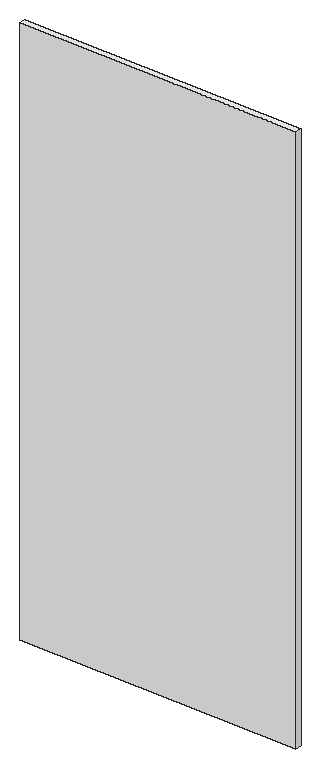
Revit family
Parameters (values of type "1"_4'x8'-Vertical")
  Width = 4' - 0"
  URL = "http://www.acousticalsurfaces.com/acoustical-wall-panels/wall-panels.html"
  Type Comments = ""
  Phone Number = "1.800.448.0121"
  NRC = 0.7
  Model = "Poly Max™ Polyester Acoustical Panels"
  Material = Acoustical Surfaces - White
  Manufacturer = "Acoustical Surfaces Inc."
  Keynote = ""
  Height Above Floor = 4' - 0"
  Height = 8' - 0"
  Email = "sales@acousticalsurfaces.com"
  Description = "Acoustical Wall & Ceiling Tiles"
  Depth = 0' - 1"
  Cost = 0
  CSI No. = "09840"
  Assembly Code = "F1030100"
  Address = "123 Columbia Court North, Suite 201, Chaska, MN 55318"
Types (5): name | Width | Height
  (no name) | 4' - 0" | 8' - 0"
  1"_2'x4'-Horizontal | 4' - 0" | 2' - 0"
  1"_2'x4'-Vertical | 2' - 0" | 4' - 0"
  1"_4'x8'-Horizontal | 8' - 0" | 4' - 0"
  1"_4'x8'-Vertical | 4' - 0" | 8' - 0"
Reference planes (in)
  plane 1: y = 0
  plane 2 "Center (Left/Right)": x = 8
  plane 3 "Back": y = 3
  plane 4: z = 144
  plane 5: z = 48
  plane 6: x = 32
  plane 7: x = -16
  plane 8: z = 96
  plane 9 "Wall Face": y = 3
  plane 10 "Panel Face": y = 4
Forms (in)
  Extrusion 1, solid, material "Acoustical Surfaces - White" <- "Material"
    sketch origin (0, 3, 0) x (0, 0, 1) y (-1, 0, 0)
      loop
        line (144, -32) -> (144, 16) -> (48, 16) -> (48, -32) -> (144, -32)
    from 0 to -1
Text (in)
  text "Placement Side" at (0, 40.15149, 123.01588), in view "Right"
  text "Placement Side" at (-58.6842, 42.74981, 0), in view "Ref. Level"
  text "Placement Side" at (0, 47.49176, 140.59947), in view "Left"
Dimensions and locks (in)
  locked: plane 3 "Back" to host wall
  "Height Above Floor": level to plane 5
  "Height": plane 5 to plane 4
  "Width": plane 7 to plane 6
  equal spacing: plane 6, plane 2 "Center (Left/Right)", plane 7
  equal spacing: plane 5, plane 8, plane 4
  "Depth": plane 10 "Panel Face" to plane 9 "Wall Face"
  aligned and locked: plane 9 "Wall Face" to host wall
  aligned and locked: Extrusion 1 to plane 10 "Panel Face"
Automatic sketch dimensions
  Extrusion 1 sketch curve to plane 5 = 0' - 0"
  Extrusion 1 sketch curve to plane 4 = 0' - 0"
  Extrusion 1 sketch curve to plane 6 = 0' - 0"
  Extrusion 1 sketch curve to plane 7 = 0' - 0"
